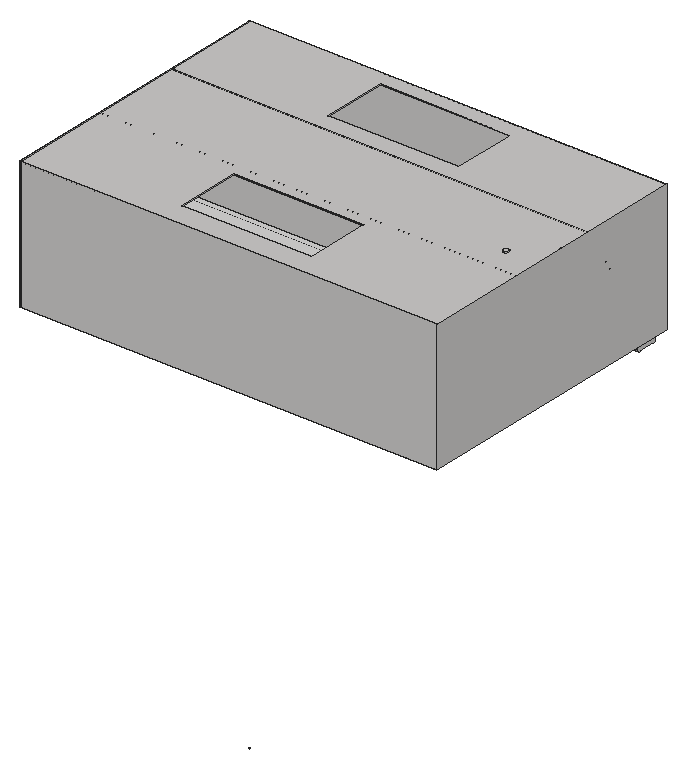
Revit family "QF_ELECTROLUXPROFESSIONAL_641250_STPF1116", category Attrezzature speciali, Revit 2021
Family settings
  Quota connettore circolare = Usa diametro
  Tipo di parte = Normale
  Basato su piano di lavoro = No
  Sempre verticale = Sì
  Taglio con vuoti quando caricato = No
  Condiviso = No
  Punto di calcolo locali = No
Parameters (values of type "Standard")
  Weight = 111.00 kg
  Watts = 160 W
  Volts = 220 V
  URL Manufacturer = "https://www.electroluxprofessional.com/"
  URL = "https://www.electroluxprofessional.com/"
  Steam Supply Size = 0 mm
  Steam Supply Minimum Pressure = 0.0 Pa
  Steam Supply Maximum Pressure = 0.0 Pa
  Steam Consumption per Hour = 0
  Refrigeration Suction Line Size = 0 mm
  Refrigeration Liquid Line Size = 0 mm
  Refrigerant Compressor Remote = yes
  Prospetto di default = 0 mm
  Produttore = "Electrolux Professional"
  Phase = 1
  Modello = "STPF1116"
  Length Actual = 1600 mm  # constant formula
  Item Number = "641250"
  Hot Water Size = 0 mm
  Height Actual = 500 mm  # constant formula
  HP = "0.2 HP"
  Gas Size = 0 mm
  Gas KW = 0
  Gas Input Pressure = 0 W
  Direct Waste Size = 0 mm
  Descrizione = "304 S/S WALL HOOD+FILTER+LAMPS 1600X1100"
  Depth Actual = 1100 mm  # constant formula
  Cycle = 50 Hz
  Condensate Return Size = 0 mm
  Compressed Air Volume = 0.0 L/s
  Compressed Air Size = 0 mm
  Compressed Air Pressure = 0.0 Pa
  Cold Water Size = 0 mm
  Accessory = yes
Reference planes
  plane 1: z = 0
  plane 2 "Center (Left/Right)": x = 150
  plane 3 "LEFT": x = -650
  plane 4 "RIGHT": x = 950
  plane 5 "BACK": y = 550
  plane 6 "TOP": z = 2500
  plane 7 "Base": z = 2000
  plane 8: z = 1955
  plane 9 "DrainY": y = 490
  plane 10: x = -647
  plane 11 "DrainX": x = 830
  plane 12 "AOLeft2": x = 400
  plane 13: x = 947
  plane 14: x = -450
  plane 15: x = 750
  plane 16 "Center (Front/Back)": y = -100
  plane 17 "Front": y = -550
  plane 18 "AOLeft1": x = -100
  plane 19: y = -464
  plane 20: y = -214
  plane 21: y = 240
  plane 22: y = 490
  plane 23 "EI_y": y = -70
  plane 24 "EIx": x = 830
Forms (mm)
  Extrusion 1, solid, material "QF_Finishes_Stainless Steel"
    sketch origin (-650, 0, 360) x (0, 1, 0) y (0, 0, 1)
      loop
        line (550, 1640) -> (550, 2140) -> (-550, 2140) -> (-550, 1640) -> (550, 1640)
    from 0 to 3
  Extrusion 2, solid, material "QF_Finishes_Stainless Steel"
    sketch origin (950, 0, 360) x (0, 1, 0) y (0, 0, 1)
      loop
        line (550, 1640) -> (550, 2140) -> (-550, 2140) -> (-550, 1640) -> (550, 1640)
    from 0 to -3
  Extrusion 3, solid, material "QF_Finishes_Stainless Steel"
    sketch origin (150, 0, 360) x (0, 1, 0) y (0, 0, 1)
      loop
        line (-550, 2140) -> (-550, 1640) -> (-540, 1640) -> (-540, 1640.8) -> (-549.2, 1640.8) -> (-549.2, 2139.19) -> (549.2, 2139.19) -> (549.2, 1640.8) -> (540, 1640.8) -> (540, 1640) -> (550, 1640) -> (550, 2140) -> (-550, 2140)
    from -800 to 800
  Extrusion 4, solid, material "QF_Finishes_Stainless Steel"
    sketch origin (0, 0, 2000) x (0, 1, 0) y (-1, 0, 0)
      loop
        circle (490, -830) r 4.763
    from -30 to 0
  Extrusion 5, void
    sketch origin (0, 0, 2500) x (0, 1, 0) y (-1, 0, 0)
      loop
        line (-214, -400) -> (-214, 100) -> (-464, 100) -> (-464, -400) -> (-214, -400)
    from 0 to -10
  Extrusion 6, solid, material "QF_Finishes_Stainless Steel"
    sketch origin (0, 0, 0) x (1, 0, 0) y (0, 1, 0)
      loop
        line (-650, 550) -> (-650, 549) -> (-649, 549) -> (-649, 550) -> (-650, 550)
    from 0 to 1
  Extrusion 7, solid, material "QF_LAMPS"
    sketch origin (150, 0, 360) x (0, 1, 0) y (0, 0, 1)
      loop
        line (-172.823, 1962.324) -> (-18.948, 2086.929) -> (-27.129, 2097.032) -> (-181.003, 1972.426) -> (-172.823, 1962.324)
    from 797 to -797
  Sweep 8, solid, material "QF_Finishes_Stainless Steel"
    path origin (0, 0, 0) x (1, 0, 0) y (0, 1, 0)
      loop
        line (950, 550) -> (-650, 550) -> (-650, -550) -> (950, -550) -> (950, 550)
    profile origin (950, 0, 0) x (1, 0, 0) y (0, 0, 1)
      loop
        line (-3, 2000) -> (-3, 2000.8) -> (-19, 2000.8) -> (-19, 2010) -> (-20, 2010) -> (-20, 2000) -> (-3, 2000)
  Extrusion 9, solid, material "QF_Finishes_Stainless Steel"
    sketch origin (150, 0, 0) x (0, 1, 0) y (0, 0, 1)
      loop
        line (414.66, 2095.469) -> (440.643, 2110.471) -> (261.744, 2411.771) -> (235.948, 2396.455) -> (414.66, 2095.469)
    from -797 to -600
  Extrusion 10, solid, material "QF_Finishes_Stainless Steel"
    sketch origin (830, 0, 0) x (0, 1, 0) y (0, 0, 1)
      loop
        line (539, 2000) -> (441, 2000) -> (441, 1989) -> (448.5, 1989) -> (448.5, 1965)
        arc (448.5, 1965) -> (451.429, 1957.929) -> (458.5, 1955) r 10
        line (458.5, 1955) -> (521.5, 1955)
        arc (521.5, 1955) -> (528.571, 1957.929) -> (531.5, 1965) r 10
        line (531.5, 1965) -> (531.5, 1989) -> (539, 1989) -> (539, 2000)
    from 90 to -90
  Extrusion 11, solid, material "QF_Finishes_Stainless Steel"
    sketch origin (150, 0, 0) x (0, 1, 0) y (0, 0, 1)
      loop
        line (414.66, 2095.469) -> (440.643, 2110.471) -> (261.744, 2411.771) -> (235.948, 2396.455) -> (414.66, 2095.469)
    from 600 to 797
  Extrusion 12, solid, material "QF_Finished_Chrome"
    sketch origin (150, 0, 0) x (0, 1, 0) y (0, 0, 1)
      loop
        line (414.66, 2095.469) -> (440.643, 2110.471) -> (261.744, 2411.771) -> (235.948, 2396.455) -> (414.66, 2095.469)
    from -600 to 600
  Extrusion 13, void
    sketch origin (0, 1180, 2500) x (0, 1, 0) y (-1, 0, 0)
      loop
        line (-690, -400) -> (-690, 100) -> (-940, 100) -> (-940, -400) -> (-690, -400)
    from 0 to -10
  Extrusion 14, solid, material "QF_Finishes_Stainless Steel"
    sketch origin (0, 0, 2500) x (0, 1, 0) y (-1, 0, 0)
      loop
        circle (-70, -830) r 10
    from 0 to 1.6
  Extrusion 15, solid, material "QF_Finishes_Stainless Steel"
    sketch origin (150, 0, 360) x (0, 1, 0) y (0, 0, 1)
      loop
        line (430.005, 1640) -> (540, 1640) -> (540, 1640.8) -> (430.467, 1640.8) -> (371.906, 1742.23) -> (414.858, 1734.657) -> (442.266, 1750.481) -> (442.266, 1765.943) -> (441.466, 1765.943) -> (441.466, 1750.943) -> (414.709, 1735.495) -> (321.153, 1751.991) -> (320.875, 1750.416) -> (371.4, 1741.507) -> (430.005, 1640)
      loop
        line (172.529, 2139.19) -> (242.893, 2017.316) -> (245.133, 2018.715) -> (240.13, 2027.381) -> (238.569, 2026.405) -> (173.453, 2139.19) -> (172.529, 2139.19)
    from -797 to 797
  Extrusion 16, solid, material "QF_Finishes_Stainless Steel"
    sketch origin (150, 200.8, 360) x (0, 1, 0) y (0, 0, 1)
      loop
        line (-750, 2139.19) -> (-750, 1640) -> (-686.602, 1640) -> (-599.146, 1690.493) -> (-610.058, 1709.394) -> (-666.564, 1676.77) -> (-714.704, 1680.982) -> (-749.2, 1730.248) -> (-749.2, 2139.19) -> (-750, 2139.19)
      loop
        line (-373.6, 1961.694) -> (-381.937, 1971.99) -> (-369.095, 1982.182) -> (-369.095, 2139.19) -> (-369.895, 2139.19) -> (-369.895, 1982.569) -> (-682.298, 1734.63) -> (-671.091, 1720.79) -> (-373.6, 1961.694)
      loop
        line (-227.61, 2099.216) -> (-218.171, 2087.559) -> (-154.411, 2139.19) -> (-155.682, 2139.19) -> (-218.052, 2088.684) -> (-226.989, 2099.719) -> (-227.61, 2099.216)
    from -797 to 797
  Extrusion 17, solid, material "QF_Finishes_Stainless Steel"
    sketch origin (0, 0, 2500) x (0, 1, 0) y (-1, 0, 0)
      loop
        circle (-70, -830) r 10
    from 0 to 1.6
Cuts and joins
  Extrusion 5, Extrusion 13 cuts Extrusion 3
  joined: Extrusion 2, Extrusion 3, Sweep 8
Lines and regions (mm)
  symbolic lines, style "SpecialityEquipment", detail levels coarse
    curve 1: line (950, 550, 2500) -> (-650, 550, 2500)
    curve 2: line (-650, 550, 2500) -> (-650, -550, 2500)
    curve 3: line (950, -550, 2500) -> (950, 550, 2500)
    curve 4: line (-650, 550, 0) -> (950, -550, 0)
    curve 5: line (950, 550, 0) -> (-650, -550, 0)
    curve 6: line (-650, -550, 0) -> (950, -550, 0)
  symbolic lines, detail levels coarse
    curve 7: line (-100, 240, 2500) -> (400, 240, 2500)
    curve 8: line (-100, 490, 2500) -> (-100, 240, 2500)
    curve 9: line (400, 490, 2500) -> (-100, 490, 2500)
    curve 10: line (400, 240, 2500) -> (400, 490, 2500)
    curve 11: line (-100, -214, 2500) -> (400, -214, 2500)
    curve 12: line (-100, -464, 2500) -> (-100, -214, 2500)
    curve 13: line (400, -464, 2500) -> (-100, -464, 2500)
    curve 14: line (400, -214, 2500) -> (400, -464, 2500)
Dimensions and locks
  plane 3 "LEFT" to plane 4 "RIGHT" = 1600 mm
  equal spacing: plane 3 "LEFT", plane 2 "Center (Left/Right)", plane 4 "RIGHT"
  plane 7 "Base" to plane 8 = 45 mm
  plane 5 "BACK" to plane 9 "DrainY" = 60 mm  (x2)
  plane 3 "LEFT" to plane 10 = 3 mm
  plane 11 "DrainX" to plane 4 "RIGHT" = 120 mm
  plane 13 to plane 4 "RIGHT" = 3 mm
  plane 3 "LEFT" to plane 14 = 200 mm
  plane 15 to plane 4 "RIGHT" = 200 mm
  locked: plane 7 "Base" to level at 2000
  locked: plane 6 "TOP" to plane 7 "Base" at 500
  locked: plane 20 to plane 19 at 250
  locked: plane 19 to plane 17 "Front" at 86
  locked: plane 22 to plane 21 at 250
  locked: plane 5 "BACK" to plane 22 at 60
  locked: plane 23 "EI_y" to plane 17 "Front" at 480
  locked: plane 24 "EIx" to plane 4 "RIGHT" at 120
  locked: plane 18 "AOLeft1" to plane 12 "AOLeft2" at 500
  equal spacing: plane 18 "AOLeft1", plane 2 "Center (Left/Right)", plane 12 "AOLeft2"
  locked: plane 5 "BACK" to plane 17 "Front" at 1100
  plane 5 "BACK" to plane 17 "Front" = 1100 mm
  aligned and locked: level to plane 1
  aligned and locked: plane 4 "RIGHT" to Extrusion 3
  aligned and locked: Extrusion 3 to plane 3 "LEFT"
  aligned and locked: Extrusion 2 to plane 13
  aligned and locked: Extrusion 9 to plane 10
  aligned and locked: Extrusion 5 to plane 18 "AOLeft1"
  aligned and locked: Extrusion 5 to plane 12 "AOLeft2"
  aligned and locked: plane 14 to Extrusion 9
  aligned and locked: plane 15 to Extrusion 11
  aligned and locked: plane 13 to Extrusion 11
  aligned and locked: Extrusion 12 to plane 14
  aligned and locked: Extrusion 12 to plane 15
  aligned and locked: plane 13 to Extrusion 7
  aligned and locked: Extrusion 7 to plane 10
  aligned and locked: Extrusion 13 to plane 21
  aligned and locked: plane 22 to Extrusion 13
  aligned and locked: Extrusion 13 to plane 18 "AOLeft1"
  aligned and locked: Extrusion 13 to plane 12 "AOLeft2"
  aligned and locked: Extrusion 15 to plane 10
  aligned and locked: plane 13 to Extrusion 15
  aligned and locked: Extrusion 5 to plane 19
  aligned and locked: plane 20 to Extrusion 5
  aligned and locked: Extrusion 16 to Extrusion 1
  aligned and locked: plane 13 to Extrusion 16
Automatic sketch dimensions
  curve 6 to plane 3 "LEFT" = 0 mm
  curve 4 to plane 3 "LEFT" = 0 mm
  curve 5 to plane 4 "RIGHT" = 0 mm
  curve 6 to plane 4 "RIGHT" = 0 mm
  curve 4 to plane 17 "Front" = 0 mm
  curve 4 to plane 5 "BACK" = 0 mm
  curve 5 to plane 5 "BACK" = 0 mm
  Extrusion 1 sketch curve to plane 7 "Base" = 0 mm
  Extrusion 1 sketch curve to plane 17 "Front" = 0 mm
  Extrusion 1 sketch curve to plane 5 "BACK" = 0 mm
  Extrusion 1 sketch curve to plane 6 "TOP" = 0 mm
  Extrusion 2 sketch curve to plane 7 "Base" = 0 mm
  Extrusion 2 sketch curve to plane 17 "Front" = 0 mm
  Extrusion 2 sketch curve to plane 5 "BACK" = 0 mm
  Extrusion 2 sketch curve to plane 6 "TOP" = 0 mm
  Extrusion 3 sketch curve to plane 6 "TOP" = 0 mm
  Extrusion 3 sketch curve to plane 17 "Front" = 0 mm
  Extrusion 3 sketch curve to plane 7 "Base" = 0 mm  (x2)
  Extrusion 3 sketch curve to plane 5 "BACK" = 0 mm
  plane 17 "Front" to Extrusion 3 sketch curve = 0.8 mm
  Extrusion 3 sketch curve to Extrusion 3 sketch curve = 9.2 mm
  plane 7 "Base" to Extrusion 3 sketch curve = 0.8 mm  (x2)
  Extrusion 3 sketch curve to plane 5 "BACK" = 10 mm
  Extrusion 3 sketch curve to plane 5 "BACK" = 0.8 mm
  Extrusion 3 sketch curve to plane 6 "TOP" = 0.81 mm
  Extrusion 4 sketch curve to plane 9 "DrainY" = 0 mm
  Extrusion 4 sketch curve to plane 11 "DrainX" = 0 mm
  Extrusion 5 sketch curve to plane 12 "AOLeft2" = 0 mm
  Extrusion 5 sketch curve to plane 18 "AOLeft1" = 0 mm
  plane 19 to Extrusion 5 sketch curve = 0 mm
  Extrusion 5 sketch curve to plane 23 "EI_y" = 144 mm
  Extrusion 6 sketch curve to plane 3 "LEFT" = 0 mm
  Extrusion 6 sketch curve to plane 5 "BACK" = 0 mm
  plane 3 "LEFT" to Extrusion 6 sketch curve = 1 mm
  Extrusion 6 sketch curve to Extrusion 6 sketch curve = 1 mm
  plane 20 to Extrusion 7 sketch curve = 32.997 mm
  Extrusion 7 sketch curve to Extrusion 7 sketch curve = 8.181 mm  (x2)
  plane 23 "EI_y" to Extrusion 7 sketch curve = 42.871 mm
  Extrusion 7 sketch curve to plane 6 "TOP" = 177.676 mm
  Extrusion 7 sketch curve to Extrusion 7 sketch curve = 10.102 mm
  Extrusion 7 sketch curve to plane 6 "TOP" = 53.071 mm
  Extrusion 7 sketch curve to Extrusion 7 sketch curve = 10.103 mm
  Sweep 8 sketch curve to plane 3 "LEFT" = 0 mm
  Sweep 8 sketch curve to plane 4 "RIGHT" = 0 mm
  Sweep 8 sketch curve to plane 17 "Front" = 0 mm
  Sweep 8 sketch curve to plane 5 "BACK" = 0 mm
  profile plane to Sweep 8 sketch curve = 20 mm
  Sweep 8 sketch curve to Sweep 8 sketch curve = 1 mm
  profile plane to Sweep 8 sketch curve = 3 mm
  level to Sweep 8 sketch curve = 2000 mm
  Sweep 8 sketch curve to Sweep 8 sketch curve = 0.8 mm
  Sweep 8 sketch curve to Sweep 8 sketch curve = 9.2 mm
  Extrusion 9 sketch curve to plane 21 = 4.052 mm
  plane 21 to Extrusion 9 sketch curve = 21.744 mm
  Extrusion 9 sketch curve to plane 9 "DrainY" = 75.34 mm
  Extrusion 9 sketch curve to Extrusion 9 sketch curve = 25.983 mm
  plane 7 "Base" to Extrusion 9 sketch curve = 95.469 mm
  Extrusion 9 sketch curve to Extrusion 9 sketch curve = 15.001 mm
  Extrusion 9 sketch curve to plane 6 "TOP" = 103.545 mm
  Extrusion 9 sketch curve to Extrusion 9 sketch curve = 15.316 mm
  Extrusion 10 sketch curve to plane 8 = 0 mm
  Extrusion 10 sketch curve to plane 7 "Base" = 11 mm  (x2)
  Extrusion 10 sketch curve to plane 9 "DrainY" = 49 mm
  Extrusion 10 sketch curve to Extrusion 10 sketch curve = 7.5 mm  (x2)
  Extrusion 10 sketch curve to Extrusion 10 sketch curve = 10 mm
  Extrusion 10 sketch curve to plane 5 "BACK" = 28.5 mm
  Extrusion 10 sketch curve to plane 5 "BACK" = 18.5 mm
  plane 7 "Base" to Extrusion 10 sketch curve = 0 mm
  Extrusion 11 sketch curve to plane 21 = 4.052 mm
  plane 21 to Extrusion 11 sketch curve = 21.744 mm
  Extrusion 11 sketch curve to plane 9 "DrainY" = 75.34 mm
  Extrusion 11 sketch curve to Extrusion 11 sketch curve = 25.983 mm
  plane 7 "Base" to Extrusion 11 sketch curve = 95.469 mm
  Extrusion 11 sketch curve to Extrusion 11 sketch curve = 15.001 mm
  Extrusion 11 sketch curve to plane 6 "TOP" = 103.545 mm
  Extrusion 11 sketch curve to Extrusion 11 sketch curve = 15.316 mm
  Extrusion 12 sketch curve to plane 21 = 4.052 mm
  plane 21 to Extrusion 12 sketch curve = 21.744 mm
  Extrusion 12 sketch curve to plane 9 "DrainY" = 75.34 mm
  Extrusion 12 sketch curve to Extrusion 12 sketch curve = 25.983 mm
  plane 7 "Base" to Extrusion 12 sketch curve = 95.469 mm
  Extrusion 12 sketch curve to Extrusion 12 sketch curve = 15.001 mm
  Extrusion 12 sketch curve to plane 6 "TOP" = 103.545 mm
  Extrusion 12 sketch curve to Extrusion 12 sketch curve = 15.316 mm
  Extrusion 13 sketch curve to plane 12 "AOLeft2" = 0 mm
  Extrusion 13 sketch curve to plane 21 = 0 mm
  Extrusion 13 sketch curve to plane 9 "DrainY" = 0 mm
  Extrusion 13 sketch curve to plane 18 "AOLeft1" = 0 mm
  Extrusion 14 sketch curve to plane 23 "EI_y" = 0 mm
  Extrusion 14 sketch curve to plane 24 "EIx" = 0 mm
  Extrusion 15 sketch curve to plane 7 "Base" = 0 mm
  Extrusion 15 sketch curve to plane 6 "TOP" = 0.81 mm
  Extrusion 15 sketch curve to plane 21 = 67.471 mm
  Extrusion 15 sketch curve to Extrusion 15 sketch curve = 0.924 mm
  Extrusion 15 sketch curve to plane 21 = 1.431 mm
  plane 21 to Extrusion 15 sketch curve = 0.13 mm
  plane 21 to Extrusion 15 sketch curve = 2.893 mm
  Extrusion 15 sketch curve to Extrusion 15 sketch curve = 2.24 mm
  plane 21 to Extrusion 15 sketch curve = 80.875 mm
  Extrusion 15 sketch curve to Extrusion 15 sketch curve = 0.278 mm
  Extrusion 15 sketch curve to Extrusion 15 sketch curve = 50.525 mm
  Extrusion 15 sketch curve to Extrusion 15 sketch curve = 0.506 mm
  Extrusion 15 sketch curve to Extrusion 15 sketch curve = 42.803 mm
  Extrusion 15 sketch curve to Extrusion 15 sketch curve = 0.148 mm
  Extrusion 15 sketch curve to plane 9 "DrainY" = 59.995 mm
  plane 7 "Base" to Extrusion 15 sketch curve = 0.8 mm
  Extrusion 15 sketch curve to Extrusion 15 sketch curve = 0.462 mm  (x2)
  Extrusion 15 sketch curve to Extrusion 15 sketch curve = 109.533 mm
  Extrusion 15 sketch curve to Extrusion 15 sketch curve = 26.757 mm
  Extrusion 15 sketch curve to Extrusion 15 sketch curve = 0.8 mm
  plane 7 "Base" to Extrusion 15 sketch curve = 94.657 mm
  Extrusion 15 sketch curve to Extrusion 15 sketch curve = 0.838 mm
  Extrusion 15 sketch curve to Extrusion 15 sketch curve = 6.012 mm
  Extrusion 15 sketch curve to Extrusion 15 sketch curve = 0.723 mm
  Extrusion 15 sketch curve to Extrusion 15 sketch curve = 14.986 mm
  Extrusion 15 sketch curve to Extrusion 15 sketch curve = 15 mm
  Extrusion 15 sketch curve to plane 6 "TOP" = 122.684 mm
  Extrusion 15 sketch curve to Extrusion 15 sketch curve = 1.399 mm
  Extrusion 15 sketch curve to Extrusion 15 sketch curve = 9.089 mm
  Extrusion 15 sketch curve to Extrusion 15 sketch curve = 0.975 mm
  Extrusion 16 sketch curve to plane 7 "Base" = 0 mm
  Extrusion 16 sketch curve to Extrusion 16 sketch curve = 0.8 mm  (x2)
  plane 7 "Base" to Extrusion 16 sketch curve = 40.982 mm
  Extrusion 16 sketch curve to Extrusion 16 sketch curve = 35.296 mm
  Extrusion 16 sketch curve to Extrusion 16 sketch curve = 28.102 mm
  plane 7 "Base" to Extrusion 16 sketch curve = 94.63 mm
  Extrusion 16 sketch curve to Extrusion 16 sketch curve = 32.405 mm
  plane 7 "Base" to Extrusion 16 sketch curve = 80.79 mm
  Extrusion 16 sketch curve to Extrusion 16 sketch curve = 11.207 mm
  plane 7 "Base" to Extrusion 16 sketch curve = 36.77 mm
  Extrusion 16 sketch curve to Extrusion 16 sketch curve = 20.038 mm
  plane 7 "Base" to Extrusion 16 sketch curve = 69.394 mm
  Extrusion 16 sketch curve to Extrusion 16 sketch curve = 61.033 mm
  plane 7 "Base" to Extrusion 16 sketch curve = 50.493 mm
  Extrusion 16 sketch curve to Extrusion 16 sketch curve = 10.912 mm
  Extrusion 16 sketch curve to plane 6 "TOP" = 168.01 mm
  Extrusion 16 sketch curve to Extrusion 16 sketch curve = 228.121 mm
  Extrusion 16 sketch curve to plane 6 "TOP" = 178.306 mm
  Extrusion 16 sketch curve to Extrusion 16 sketch curve = 8.337 mm
  Extrusion 16 sketch curve to plane 6 "TOP" = 157.431 mm
  Extrusion 16 sketch curve to Extrusion 16 sketch curve = 12.042 mm
  Extrusion 16 sketch curve to plane 6 "TOP" = 157.818 mm
  Extrusion 16 sketch curve to plane 6 "TOP" = 40.784 mm
  Extrusion 16 sketch curve to Extrusion 16 sketch curve = 141.485 mm
  Extrusion 16 sketch curve to plane 6 "TOP" = 40.281 mm
  Extrusion 16 sketch curve to Extrusion 16 sketch curve = 0.622 mm
  Extrusion 16 sketch curve to plane 6 "TOP" = 52.441 mm
  Extrusion 16 sketch curve to plane 6 "TOP" = 51.316 mm
  Extrusion 16 sketch curve to plane 6 "TOP" = 0.81 mm  (x3)
  Extrusion 16 sketch curve to Extrusion 16 sketch curve = 62.37 mm
  Extrusion 16 sketch curve to Extrusion 16 sketch curve = 1.271 mm
  Extrusion 16 sketch curve to Extrusion 16 sketch curve = 49.266 mm
  Extrusion 17 sketch curve to plane 23 "EI_y" = 0 mm
  Extrusion 17 sketch curve to plane 24 "EIx" = 0 mm
  plane 17 "Front" to Extrusion 16 sketch curve = 0.8 mm
  curve 2 to plane 3 "LEFT" = 0 mm
  curve 2 to plane 17 "Front" = 0 mm
  curve 3 to plane 4 "RIGHT" = 0 mm
  curve 3 to plane 17 "Front" = 0 mm
  curve 13 to plane 18 "AOLeft1" = 0 mm
  curve 13 to plane 19 = 0 mm
  curve 14 to plane 12 "AOLeft2" = 0 mm
  curve 14 to plane 20 = 0 mm
  curve 7 to plane 18 "AOLeft1" = 0 mm
  curve 7 to plane 21 = 0 mm
  curve 8 to plane 9 "DrainY" = 0 mm
  curve 2 to plane 5 "BACK" = 0 mm
  curve 10 to plane 12 "AOLeft2" = 0 mm
  radius of Extrusion 4 sketch curve = 4.763 mm
  radius of Extrusion 14 sketch curve = 10 mm
  radius of Extrusion 17 sketch curve = 10 mm
Connectors
  piping at (830, 490, 1970), diameter 9.5
    settings: on Extrusion 4, index 1, connector inside diameter 609.6 mm, connector length 0 mm, flow factor 0, pipe flow 0.0 L/s, pressure drop 0.0 Pa, fitting loss kfactor 0, connector angle 0.00°, fixture units 0, engagement length 0 mm, angle of deflection 0.00°, flow configuration 1, flow direction 2, fitting loss method 0, system type 16, joint type 0, gender type 0, connector reference index -1, connector utility 0, adjustable connector no, is connector primary yes, connector description "Drain"
  hvac at (150, -339, 2500)
    settings: on Extrusion 5, index 2, duct flow 0.0 L/s, flow factor 0, pres drop 0.0 Pa, loss coef 0, conn angle 0.00°, conn width 250 mm, conn height 500 mm, conn diameter 609.6 mm, duct sys type 1, conn prof type 1, flow config 1, flow direction 1, loss method 0, conn ref index -1, conn util no, is conn primary yes, conn desc "AIR INLET"
  hvac at (150, 365, 2500)
    settings: on Extrusion 13, index 4, duct flow 0.0 L/s, flow factor 0, pres drop 0.0 Pa, loss coef 0, conn angle 0.00°, conn width 250 mm, conn height 500 mm, conn diameter 609.6 mm, duct sys type 3, conn prof type 1, flow config 1, flow direction 2, loss method 0, conn ref index -1, conn util no, is conn primary no, conn desc "EXHAUST OUTLET"
  electrical at (830, -70, 2501.6), driven by "Volts"
    settings: on Extrusion 14, index 6, voltage 220 V, apparent load 0 VA, apparent load phase1 0 VA, apparent load phase2 0 VA, apparent load phase3 0 VA, power factor 1, load classification "Other", number of poles 1, system type 30, power factor state 1, is connector primary yes, connector utility no, sub classification motor no, connector description "Electrical Connection"
  electrical at (830, -70, 2501.6)
    settings: on Extrusion 17, index 12, voltage 0 V, apparent load 0 VA, apparent load phase1 0 VA, apparent load phase2 0 VA, apparent load phase3 0 VA, power factor 1, load classification "Other", number of poles 1, system type 30, power factor state 1, is connector primary no, connector utility no, sub classification motor no, connector description ""
